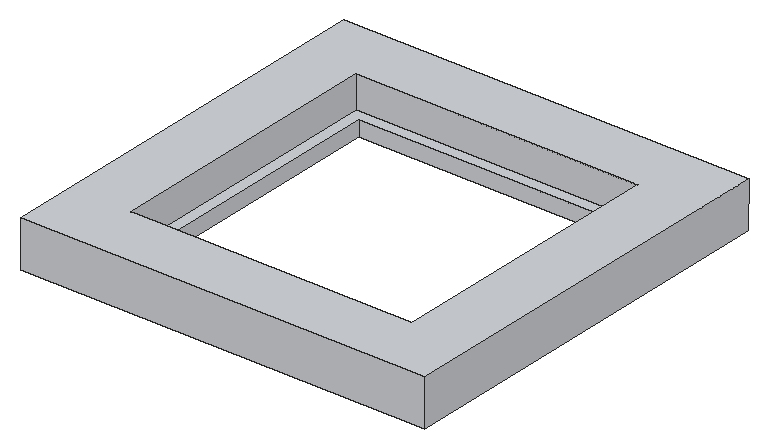
Revit family "Gira_021125", category Electrical Fixtures, host Face, Revit 2017
Family settings
  Host = Face
  Maintain Annotation Orientation = No
  Round Connector Dimension = Use Diameter
  Part Type = Normal
  Cut with Voids When Loaded = No
  Shared = No
  Room Calculation Point = No
Parameters (values of type "Abdeckrahmen 1f Gira E2 F Alu")
  Werkstoffgüte = "Thermoplast"
  Werkstoff = "Kunststoff"
  URL = "http://katalog.gira.de/de_DE/datenblatt.html?artikelnr=021125"
  Transparent = "No"
  Textfeld/Beschriftungsfläche = "No"
  Schutzart (IP) = "IP21"
  Region = "DE"
  Oberfläche = "sonstige"
  Name = "Abdeckrahmen 1f Gira E2 F Alu"
  Montagerichtung = "horizontal und vertikal"
  Mit Montagerahmen = "No"
  Mit Klappdeckel = "No"
  Manufacturer URL = "https://www.gira.de/"
  Keynote = "E2_Rahmen_1fach"
  HeinzeBIM = "https://bimportal.heinze.de/bim/abdeckrahmen-1f-gira-e2-f-alu/3e5e5b196d4446c787ee24f29d30195417c656b3"
  Halogenfrei = "Yes"
  HAN = "021125"
  Geeignet für Unterputz-Installation = "Yes"
  Geeignet für Unterflurkanaldose = "No"
  Geeignet für Geräteeinbaukanal = "No"
  Geeignet für Einbauinstallation = "No"
  GTIN = "4010337211259"
  Farbe = "aluminium"
  Default Elevation = 1219.2 mm
  Data sheet (1) = "https://katalog.gira.de/de_DE/download.html?artikelnr=021125"
  Category = "Abdeckrahmen"
  Befestigungsart = "Klemmbefestigung"
  Available = "Yes"
  Anzahl der Einheiten vertikal = "1 "
  Anzahl der Einheiten horizontal = "1 "
  Anzahl der Einheiten = "1 "
Reference planes
  plane 1 "Center (Front/Back)": y = 0
  plane 2: z = 0
  plane 3 "Center (Left/Right)": x = 0
Forms (mm)
  Extrusion 1, solid, detail levels fine
    sketch origin (0, 0, 0) x (1, 0, 0) y (0, 1, 0)
      loop
        line (40.4, 40.4) -> (-40.4, 40.4) -> (-40.4, -40.4) -> (40.4, -40.4) -> (40.4, 40.4)
      loop
        line (-28.152, 28.1) -> (-28.152, -28.152) -> (28.1, -28.152) -> (28.1, 28.1) -> (-28.152, 28.1)
    from 0 to 9.3
  Extrusion 2, solid, detail levels fine
    sketch origin (0, 0, 0) x (1, 0, 0) y (0, 1, 0)
      loop
        line (-28.152, -28.152) -> (28.1, -28.152) -> (28.1, 28.1) -> (-28.152, 28.1) -> (-28.152, -28.152)
      loop
        line (25.7, -25.7) -> (25.7, 25.7) -> (-25.7, 25.7) -> (-25.7, -25.7) -> (25.7, -25.7)
    from 0 to 3
  Extrusion 3, solid, detail levels coarse+medium
    sketch origin (0, 0, 0) x (1, 0, 0) y (0, 1, 0)
      loop
        line (40.4, 40.4) -> (-40.4, 40.4) -> (-40.4, -40.4) -> (40.4, -40.4) -> (40.4, 40.4)
    from 0 to 9.3
Lines and regions (mm)
  reference lines
    curve 1: line (0, 40.4, 0) -> (0, -40.4, 0)
Dimensions and locks
  aligned and locked: plane 2 to host face
  aligned and locked: level to host face
